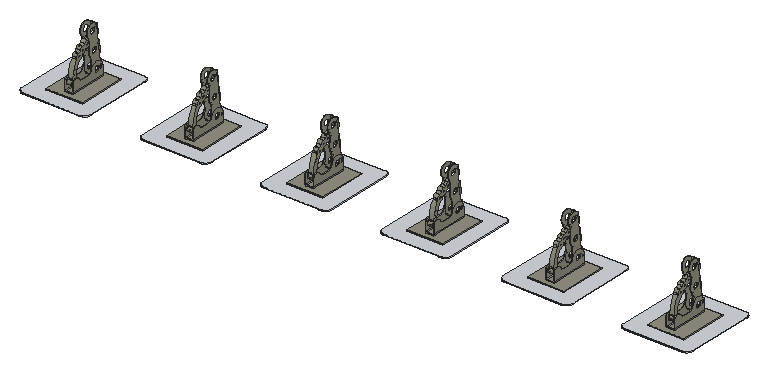
Revit family "Construction_Roof-Accessories_Alpine-SnowGuards_PP215", category Specialty Equipment, host Face, Revit 2019
Family settings
  Host = Face
  Round Connector Dimension = Use Diameter
  Part Type = Normal
  OmniClass Number = 23.35.20.31.27.14
  OmniClass Title = Snow Guards
  Cut with Voids When Loaded = No
  Shared = No
  Room Calculation Point = No
Parameters (values of type "PP215")
  Z_Two [instance] = Z_Length > Z_Horizontal Spacing  # yes
  Z_One [instance] = not(Z_Array)  # no
  Z_Length [instance] = if(Length < Z_Horizontal Spacing, Z_Horizontal Spacing, Length)  # 100"
  Z_Horizontal Spacing [instance] = if(Horizontal Spacing < 2", 2", Horizontal Spacing)  # 20"
  Z_Array [instance] = and(Z_Length > Z_Horizontal Spacing * 2)  # yes
  URL = "https://www.alpinesnowguards.com/model/pp215?utm_source=bimobject&utm_medium=productlisting&utm_campaign=2022marketing"
  Snow Guard Count [instance] = if(Length < Horizontal Spacing, 1, if(and(Z_Length > Z_Horizontal Spacing, Z_Length < Z_Horizontal Spacing * 2), 2, Z_Number of Pads Control))  # 6
  Product data url = "https://www.bimobject.com/en-us/alpine-snowguards/product/pp215_three_pipe_snow_guard"
  Product Material = Alpine SnowGuards - Aluminium - Mill Finish
  Product Guid = "134dbafd-15be-4c86-8863-816f1b731a23"
  Z_Number of Pads Control [instance] = if(Z_Length / Z_Horizontal Spacing + 1 < 3, 3, rounddown(Z_Length / Z_Horizontal Spacing + 1))  # 6
  Pad Material = Alpine SnowGuards - Aluminium - Mill Finish
  Note [instance] = "Customer Supplied Target Patch Flashing"  # constant formula
  Model = "PP215"
  Manufacturer = "Alpine SnowGuards"  # constant formula
  Length Note [instance] = "To show a single SnowGuard set Length to 0"  # constant formula
  Length [instance] = 100"
  Keynote = "07720"
  Horizontal Spacing [instance] = 20"
  Edition number = 1  # constant formula
  Description = "PP215 three-pipe, height adjustable, pipe-style snow guard bracket. 6''X8'' stainless steel base plate."  # constant formula
  Default Elevation = 48"
  Bracket Angle [instance] = Angle : 0°
  Base Material = Alpine SnowGuards - Aluminium - Mill Finish
  Assembly Code = "B3010"
Reference planes (in)
  plane 1 "Center (Front/Back)": y = 0
  plane 2: z = 0
  plane 3 "Center (Left/Right)": x = 0
  plane 4: x = 100
  plane 5: z = 0
  plane 6: x = 20
  plane 7: y = -2.21833
Dimensions and locks (in)
  "Z_Length": plane 3 "Center (Left/Right)" to plane 4
  locked: plane 5 to plane 2 at 0
  locked: nested 1 to plane 1 "Center (Front/Back)" at 2.21833
  "Z_Horizontal Spacing": plane 3 "Center (Left/Right)" to plane 6
  locked: plane 7 to plane 1 "Center (Front/Back)" at 2.21833
  locked: nested 2 to level at 0.0625
  equal spacing: group 1, group 2, group 3, group 10, group 13, group 14  (x3)
  locked: nested 5 to level at 0.0625
  equal spacing: group 4, group 5, group 6, group 11, group 15, group 16  (x3)
  equal spacing: group 7, group 8, group 9, group 12, group 17, group 18  (x3)
  locked: nested 10 to level at 0.0625
  locked: nested 11 to level at 0.0625
  aligned and locked: host face to plane 2
  aligned and locked: host face to level
  aligned and locked: plane 3 "Center (Left/Right)" to nested 1
  aligned and locked: nested 2 to plane 3 "Center (Left/Right)"
  aligned and locked: nested 2 to plane 7
  aligned and locked: nested 1 to level
  aligned and locked: plane 7 to nested 1
  aligned and locked: nested 3 to level
  aligned and locked: plane 7 to nested 3
  aligned and locked: plane 6 to nested 3
  aligned and locked: nested 5 to plane 7
  aligned and locked: nested 5 to plane 6
  aligned and locked: nested 7 to plane 7
  aligned and locked: nested 7 to plane 3 "Center (Left/Right)"
  aligned and locked: nested 8 to plane 6
  aligned and locked: nested 8 to plane 7
  aligned and locked: nested 12 to level
  aligned and locked: nested 13 to level
  aligned and locked: nested 10 to plane 7
  aligned and locked: nested 10 to plane 3 "Center (Left/Right)"
  aligned and locked: nested 11 to plane 7
  aligned and locked: nested 11 to plane 6
  aligned and locked: plane 7 to nested 13
  aligned and locked: plane 6 to nested 13
  aligned and locked: plane 7 to nested 12
  aligned and locked: plane 3 "Center (Left/Right)" to nested 12
  aligned and locked: nested 14 to plane 7
  aligned and locked: nested 14 to plane 3 "Center (Left/Right)"
  aligned and locked: nested 15 to plane 7
  aligned and locked: nested 15 to plane 6
Automatic sketch dimensions
  host sketch curve to host sketch curve = 199.17032"
  host sketch curve to host sketch curve = 96"
Nested families (in)
  nested 1: "-" at (0, -8.84333, -0.125), visible <- "Z_Array", type "Target-Patch-Flashing"
  nested 2: "Base" at (0, -6.21833, 0.0625) x (-1, 0, 0) z (0, 0, 1), Material <- "Base Material", visible <- "Z_Array", type "6"x8""
    with Material Alpine SnowGuards - Aluminium - Mill Finish
  nested 3: "-" at (20, -8.84333, -0.125), visible <- "Z_Array", type "Target-Patch-Flashing"
  nested 4: "-" at (40, -8.84333, -0.125), visible <- "Z_Array", type "Target-Patch-Flashing"
  nested 5: "Base" at (20, -6.21833, 0.0625) x (-1, 0, 0) z (0, 0, 1), Material <- "Base Material", visible <- "Z_Array", type "6"x8""
    with Material Alpine SnowGuards - Aluminium - Mill Finish
  nested 6: "Base" at (40, -6.21833, 0.0625) x (-1, 0, 0) z (0, 0, 1), Material <- "Base Material", visible <- "Z_Array", type "6"x8""
    with Material Alpine SnowGuards - Aluminium - Mill Finish
  nested 7: "Angle" at (0, -5.21833, 0.0625) x (-1, 0, 0) z (0, 0, 1), Pad Material <- "Pad Material", type <- "Bracket Angle", visible <- "Z_Array", type "0°"
    with Pad Material Alpine SnowGuards - Aluminium - Mill Finish
  nested 8: "Angle" at (20, -5.21833, 0.0625) x (-1, 0, 0) z (0, 0, 1), Pad Material <- "Pad Material", type <- "Bracket Angle", visible <- "Z_Array", type "0°"
    with Pad Material Alpine SnowGuards - Aluminium - Mill Finish
  nested 9: "Angle" at (40, -5.21833, 0.0625) x (-1, 0, 0) z (0, 0, 1), Pad Material <- "Pad Material", type <- "Bracket Angle", visible <- "Z_Array", type "0°"
    with Pad Material Alpine SnowGuards - Aluminium - Mill Finish
  nested 10: "Base" at (0, -6.21833, 0.0625) x (-1, 0, 0) z (0, 0, 1), Material <- "Base Material", visible <- "Z_One", type "6"x8""
    with Material Alpine SnowGuards - Aluminium - Mill Finish
  nested 11: "Base" at (20, -6.21833, 0.0625) x (-1, 0, 0) z (0, 0, 1), Material <- "Base Material", visible <- "Z_Two", type "6"x8""
    with Material Alpine SnowGuards - Aluminium - Mill Finish
  nested 12: "-" at (0, -8.84333, -0.125), visible <- "Z_One", type "Target-Patch-Flashing"
  nested 13: "-" at (20, -8.84333, -0.125), visible <- "Z_Two", type "Target-Patch-Flashing"
  nested 14: "Angle" at (0, -5.21833, 0.0625) x (-1, 0, 0) z (0, 0, 1), type <- "Bracket Angle", Pad Material <- "Pad Material", visible <- "Z_One", type "0°"
    with Pad Material Alpine SnowGuards - Aluminium - Mill Finish
  nested 15: "Angle" at (20, -5.21833, 0.0625) x (-1, 0, 0) z (0, 0, 1), type <- "Bracket Angle", Pad Material <- "Pad Material", visible <- "Z_Two", type "0°"
    with Pad Material Alpine SnowGuards - Aluminium - Mill Finish
  nested 16: "-" at (60, -8.84333, -0.125), visible <- "Z_Array", type "Target-Patch-Flashing"
  nested 17: "Base" at (60, -6.21833, 0.0625) x (-1, 0, 0) z (0, 0, 1), Material <- "Base Material", visible <- "Z_Array", type "6"x8""
    with Material Alpine SnowGuards - Aluminium - Mill Finish
  nested 18: "Angle" at (60, -5.21833, 0.0625) x (-1, 0, 0) z (0, 0, 1), Pad Material <- "Pad Material", type <- "Bracket Angle", visible <- "Z_Array", type "0°"
    with Pad Material Alpine SnowGuards - Aluminium - Mill Finish
  nested 19: "-" at (80, -8.84333, -0.125), visible <- "Z_Array", type "Target-Patch-Flashing"
  nested 20: "-" at (100, -8.84333, -0.125), visible <- "Z_Array", type "Target-Patch-Flashing"
  nested 21: "Base" at (80, -6.21833, 0.0625) x (-1, 0, 0) z (0, 0, 1), Material <- "Base Material", visible <- "Z_Array", type "6"x8""
    with Material Alpine SnowGuards - Aluminium - Mill Finish
  nested 22: "Base" at (100, -6.21833, 0.0625) x (-1, 0, 0) z (0, 0, 1), Material <- "Base Material", visible <- "Z_Array", type "6"x8""
    with Material Alpine SnowGuards - Aluminium - Mill Finish
  nested 23: "Angle" at (80, -5.21833, 0.0625) x (-1, 0, 0) z (0, 0, 1), Pad Material <- "Pad Material", type <- "Bracket Angle", visible <- "Z_Array", type "0°"
    with Pad Material Alpine SnowGuards - Aluminium - Mill Finish
  nested 24: "Angle" at (100, -5.21833, 0.0625) x (-1, 0, 0) z (0, 0, 1), Pad Material <- "Pad Material", type <- "Bracket Angle", visible <- "Z_Array", type "0°"
    with Pad Material Alpine SnowGuards - Aluminium - Mill Finish
Definition of nested family "-"
  Reference planes (in)
    plane 1 "Center (Front/Back)": y = 0
    plane 2: z = 0
    plane 3 "Center (Left/Right)": x = 0
    plane 4: y = 13.25
    plane 5: x = -5.75
    plane 6: x = 5.75
    plane 7: z = 0.125
    plane 8: y = 6.625
  Forms (in)
    Extrusion 1, solid
      sketch origin (0, 0, 0) x (1, 0, 0) y (0, 1, 0)
        loop
          arc (-5.75, 1.03516) -> (-5.44681, 0.30319) -> (-4.71484, 0) r 1.03516
          line (-4.71484, 0) -> (4.71484, 0)
          arc (4.71484, 0) -> (5.44681, 0.30319) -> (5.75, 1.03516) r 1.03516
          line (5.75, 1.03516) -> (5.75, 12.21524)
          arc (5.75, 12.21524) -> (5.44693, 12.94693) -> (4.71524, 13.25) r 1.03476
          line (4.71524, 13.25) -> (-4.71484, 13.25)
          arc (-4.71484, 13.25) -> (-5.44681, 12.94681) -> (-5.75, 12.21484) r 1.03516
          line (-5.75, 12.21484) -> (-5.75, 1.03516)
      from 0.125 to 0.1875
  Dimensions and locks (in)
    equal spacing: plane 5, plane 3 "Center (Left/Right)", plane 6
    plane 5 to plane 3 "Center (Left/Right)" = 5 3/4"
    plane 7 to level = 1/8"
    equal spacing: plane 1 "Center (Front/Back)", plane 8, plane 4
    plane 4 to plane 1 "Center (Front/Back)" = 13 1/4"
    aligned and locked: plane 2 to level
    aligned and locked: plane 5 to Extrusion 1 sketch curve
    aligned and locked: plane 6 to Extrusion 1 sketch curve
    aligned and locked: Extrusion 1 sketch curve to plane 4
    aligned and locked: plane 1 "Center (Front/Back)" to Extrusion 1 sketch curve
    aligned and locked: Extrusion 1 to plane 7
  Automatic sketch dimensions
    Extrusion 1 sketch curve to plane 4 = 1 9/256"
    Extrusion 1 sketch curve to plane 1 "Center (Front/Back)" = 1 9/256"
    Extrusion 1 sketch curve to Extrusion 1 sketch curve = 1 9/256"
    Extrusion 1 sketch curve to plane 4 = 1.03476"
Definition of nested family "Base"
  Parameters (values of type "6"x8"")
    W = 6"
    Material [instance] = none
    L = 8"
    Height = 0"
  Reference planes (in)
    plane 1 "Center (Front/Back)": y = 0
    plane 2: z = 0
    plane 3 "Center (Left/Right)": x = 0
    plane 4: y = -8
    plane 5: x = -3
    plane 6: x = 3
    plane 7 "1": z = 0.125
    plane 8: y = -4
  Forms (in)
    Extrusion 1, solid, material <- "Material"
      sketch origin (0, 0, 0) x (1, 0, 0) y (0, 0, 1)
        loop
          line (-3, 0.125) -> (-3, 0) -> (3, 0) -> (3, 0.125) -> (-3, 0.125)
      from 0 to 8
  Lines and regions (in)
    model lines, detail levels fine
      curve 1: circle (-2.5007, -7.50054, 0.125) r 0.29114 normal (0, 0, 1)
      curve 2: circle (2.5007, -7.50054, 0.125) r 0.29114 normal (0, 0, -1)
      curve 3: circle (0, -7.50054, 0.125) r 0.29114 normal (0, 0, -1)
      curve 4: circle (-2.5007, -5.25054, 0.125) r 0.29114 normal (0, 0, 1)
      curve 5: circle (2.5007, -5.25054, 0.125) r 0.29114 normal (0, 0, -1)
      curve 6: circle (-2.5007, -0.50054, 0.125) r 0.29114 normal (0, 0, 1)
      curve 7: circle (2.5007, -0.50054, 0.125) r 0.29114 normal (0, 0, -1)
  Dimensions and locks (in)
    "L": plane 4 to plane 1 "Center (Front/Back)"
    equal spacing: plane 5, plane 3 "Center (Left/Right)", plane 6
    "W": plane 5 to plane 6
    locked: Extrusion 1 sketch curve to level at 0.125
    equal spacing: plane 4, plane 8, plane 1 "Center (Front/Back)"
    aligned and locked: level to plane 2
    aligned and locked: plane 5 to Extrusion 1 sketch curve
    aligned and locked: plane 2 to Extrusion 1 sketch curve
    aligned and locked: Extrusion 1 sketch curve to plane 6
    aligned and locked: Extrusion 1 to plane 1 "Center (Front/Back)"
    aligned and locked: Extrusion 1 to plane 4
  Automatic sketch dimensions
    curve 3 to plane 3 "Center (Left/Right)" = 0"
    curve 7 to plane 6 = 0.4993"
    curve 5 to plane 6 = 0.4993"
    curve 2 to plane 6 = 0.4993"
    plane 5 to curve 6 = 0.4993"
    plane 5 to curve 4 = 0.4993"
    plane 5 to curve 1 = 0.4993"
    plane 1 "Center (Front/Back)" to curve 6 = 0.50054"
    plane 1 "Center (Front/Back)" to curve 7 = 0.50054"
    plane 4 to curve 4 = 2.74946"
    plane 4 to curve 5 = 2.74946"
    plane 4 to curve 3 = 0.49946"
    plane 4 to curve 2 = 0.49946"
    plane 4 to curve 1 = 0.49946"
    radius of curve 1 = 0.29114"
    radius of curve 2 = 0.29114"
    radius of curve 3 = 0.29114"
    radius of curve 4 = 0.29114"
    radius of curve 5 = 0.29114"
    radius of curve 6 = 0.29114"
    radius of curve 7 = 0.29114"
Definition of nested family "Angle"
  Parameters (values of type "0°")
    z_Angle = 0.00°
    Pad Material [instance] = none
  Types (5): name | z_Angle
    (no name) | 0.00°
    0° | 0.00°
    13° | 13.00°
    26° | 26.00°
    39° | 39.00°
  Reference planes (in)
    plane 1 "Center (Front/Back)": y = 0
    plane 2: z = 0
    plane 3 "Center (Left/Right)": x = 0
    plane 4: x = -3
    plane 5: x = 3
    plane 6: y = -6
    plane 7: z = 8.875
    plane 8: y = -3
    plane 9: y = -4.87403
    plane 10: z = 1.83537
  Forms (in)
    Extrusion 1, solid, material <- "Pad Material"
      sketch origin (0, 0, 0) x (0, 1, 0) y (0, 0, 1)
        loop
          line (-6, 1.87104) -> (-6, 0.375) -> (0, 0.375) -> (0, 1.62411)
          arc (0, 1.62411) -> (-0.52615, 2.1582) -> (-1.19174, 1.81313) r 0.63145
          arc (-1.19174, 1.81313) -> (-1.4278, 1.5522) -> (-1.76611, 1.45548) r 0.64002
          line (-1.76611, 1.45548) -> (-3.17762, 1.45548)
          arc (-3.17762, 1.45548) -> (-3.55315, 1.59813) -> (-3.73925, 1.95412) r 0.56561
          arc (-3.73925, 1.95412) -> (-4.9079, 2.95393) -> (-6, 1.87104) r 1.13494
        loop
          circle (-4.87403, 1.83537) r 0.55827
      from 0.63113 to 0.75613
    Extrusion 2, solid, material <- "Pad Material"
      sketch origin (0, 0, 0) x (0, 1, 0) y (0, 0, -1)
        loop
          arc (-6, -1.87104) -> (-4.9079, -2.95393) -> (-3.73925, -1.95412) r 1.13494
          arc (-3.73925, -1.95412) -> (-3.55315, -1.59813) -> (-3.17762, -1.45548) r 0.56561
          line (-3.17762, -1.45548) -> (-1.76611, -1.45548)
          arc (-1.76611, -1.45548) -> (-1.4278, -1.5522) -> (-1.19174, -1.81313) r 0.64002
          arc (-1.19174, -1.81313) -> (-0.52615, -2.1582) -> (0, -1.62411) r 0.63145
          line (0, -1.62411) -> (0, -0.375) -> (-6, -0.375) -> (-6, -1.87104)
        loop
          circle (-4.87403, -1.83537) r 0.55827
      from 0.61887 to 0.74387
    Sweep 3, solid, material <- "Pad Material"
      path origin (0, 0, 0) x (0, 1, 0) y (0, 0, 1)
        loop
          line (0, 0.375) -> (-6, 0.375)
      profile origin (0, -3, 0.375) x (0, 0, -1) y (1, 0, 0)
        loop
          arc (0, 0.63113) -> (0.08839, 0.59452) -> (0.125, 0.50613) r 0.125
          line (0.125, 0.50613) -> (0.125, -0.49387)
          arc (0.125, -0.49387) -> (0.08839, -0.58226) -> (0, -0.61887) r 0.125
          line (0, -0.61887) -> (0, -0.74387)
          arc (0, -0.74387) -> (0.17678, -0.67065) -> (0.25, -0.49387) r 0.25
          line (0.25, -0.49387) -> (0.25, 0.50613)
          arc (0.25, 0.50613) -> (0.17678, 0.68291) -> (0, 0.75613) r 0.25
          line (0, 0.75613) -> (0, 0.63113)
    Extrusion 4, solid, material <- "Pad Material", detail levels fine
      sketch origin (0, 0, 0) x (0, 1, 0) y (0, 0, 1)
        loop
          arc (-1.72495, 4.46487) -> (-1.63106, 4.43167) -> (-1.55827, 4.36369) r 0.24387
          arc (-1.55827, 4.36369) -> (-1.01949, 3.2694) -> (-0.8437, 2.06241) r 3.91429
          arc (-0.8437, 2.06241) -> (-0.86728, 1.9526) -> (-0.93169, 1.86059) r 0.28314
          arc (-0.93169, 1.86059) -> (-0.6495, 1.08838) -> (-0.2774, 1.82151) r 0.44823
          arc (-0.2774, 1.82151) -> (-0.32386, 1.90339) -> (-0.33943, 1.99624) r 0.27037
          arc (-0.33943, 1.99624) -> (-0.54687, 3.409) -> (-1.17449, 4.69158) r 4.63514
          arc (-1.17449, 4.69158) -> (-1.21477, 4.77712) -> (-1.22427, 4.87119) r 0.27992
          arc (-1.22427, 4.87119) -> (-1.33836, 5.21057) -> (-1.65923, 5.36942) r 0.46701
          arc (-1.65923, 5.36942) -> (-1.87468, 5.45912) -> (-1.99057, 5.66169) r 0.36192
          arc (-1.99057, 5.66169) -> (-2.18238, 5.95344) -> (-2.52395, 6.02585) r 0.45901
          arc (-2.52395, 6.02585) -> (-2.74721, 6.05996) -> (-2.90171, 6.2247) r 0.34555
          arc (-2.90171, 6.2247) -> (-3.1532, 6.46478) -> (-3.50085, 6.45985) r 0.45928
          arc (-3.50085, 6.45985) -> (-3.73786, 6.44186) -> (-3.937, 6.57163) r 0.37041
          arc (-3.937, 6.57163) -> (-4.73867, 6.35728) -> (-4.031, 5.92389) r 0.45151
          arc (-4.031, 5.92389) -> (-3.85956, 5.95624) -> (-3.72305, 5.84758) r 0.20953
          arc (-3.72305, 5.84758) -> (-3.47673, 5.62617) -> (-3.14552, 5.62845) r 0.45852
          arc (-3.14552, 5.62845) -> (-2.97568, 5.61886) -> (-2.8729, 5.4833) r 0.20279
          arc (-2.8729, 5.4833) -> (-2.6911, 5.21163) -> (-2.37307, 5.13604) r 0.44753
          arc (-2.37307, 5.13604) -> (-2.20131, 5.08546) -> (-2.12658, 4.92274) r 0.21621
          arc (-2.12658, 4.92274) -> (-2.01147, 4.61863) -> (-1.72495, 4.46487) r 0.46372
        loop
          circle (-1.67556, 4.9166) r 0.25788
        loop
          circle (-2.43433, 5.58183) r 0.25788
        loop
          circle (-3.31986, 6.04503) r 0.25788
      from -0.36887 to 0.38113
    Revolve 5, solid, material <- "Pad Material"
      sketch origin (0, -0.62615, 0) x (1, 0, 0) y (0, 0, 1)
        loop
          line (0.63113, 1.53332) -> (0.63113, 1.6596) -> (0.56863, 1.6596) -> (0.56863, 2.03332) -> (-0.55637, 2.03332) -> (-0.55637, 1.6596) -> (-0.61887, 1.6596) -> (-0.61887, 1.53332) -> (0.63113, 1.53332)
        axis (0.63113, 1.53332) -> (-0.61887, 1.53332)
      angle from 0 to 360
    Sweep 6, solid, not visible
      path origin (0, 0, 0) x (0, 1, 0) y (0, 0, 1)
        loop
          line (-4.87403, 0) -> (-4.87403, 1.83537)
      profile origin (0, -4.87403, 0.91769) x (0, -1, 0) y (1, 0, 0)
        loop
          circle (0, 0) r 0.08582
    Extrusion 7, solid, material <- "Pad Material", detail levels medium
      sketch origin (0, 0, 0) x (0, 1, 0) y (0, 0, 1)
        loop
          arc (-1.72495, 4.46487) -> (-1.63106, 4.43167) -> (-1.55827, 4.36369) r 0.24387
          arc (-1.55827, 4.36369) -> (-1.01949, 3.2694) -> (-0.8437, 2.06241) r 3.91429
          arc (-0.8437, 2.06241) -> (-0.86728, 1.9526) -> (-0.93169, 1.86059) r 0.28314
          arc (-0.93169, 1.86059) -> (-0.6495, 1.08838) -> (-0.2774, 1.82151) r 0.44823
          arc (-0.2774, 1.82151) -> (-0.32386, 1.90339) -> (-0.33943, 1.99624) r 0.27037
          arc (-0.33943, 1.99624) -> (-0.54687, 3.409) -> (-1.17449, 4.69158) r 4.63514
          arc (-1.17449, 4.69158) -> (-1.21477, 4.77712) -> (-1.22427, 4.87119) r 0.27992
          arc (-1.22427, 4.87119) -> (-1.33836, 5.21057) -> (-1.65923, 5.36942) r 0.46701
          arc (-1.65923, 5.36942) -> (-1.87468, 5.45912) -> (-1.99057, 5.66169) r 0.36192
          arc (-1.99057, 5.66169) -> (-2.18238, 5.95344) -> (-2.52395, 6.02585) r 0.45901
          arc (-2.52395, 6.02585) -> (-2.74721, 6.05996) -> (-2.90171, 6.2247) r 0.34555
          arc (-2.90171, 6.2247) -> (-3.1532, 6.46478) -> (-3.50085, 6.45985) r 0.45928
          arc (-3.50085, 6.45985) -> (-3.73786, 6.44186) -> (-3.937, 6.57163) r 0.37041
          arc (-3.937, 6.57163) -> (-4.73867, 6.35728) -> (-4.031, 5.92389) r 0.45151
          arc (-4.031, 5.92389) -> (-3.85956, 5.95624) -> (-3.72305, 5.84758) r 0.20953
          arc (-3.72305, 5.84758) -> (-3.47673, 5.62617) -> (-3.14552, 5.62845) r 0.45852
          arc (-3.14552, 5.62845) -> (-2.97568, 5.61886) -> (-2.8729, 5.4833) r 0.20279
          arc (-2.8729, 5.4833) -> (-2.6911, 5.21163) -> (-2.37307, 5.13604) r 0.44753
          arc (-2.37307, 5.13604) -> (-2.20131, 5.08546) -> (-2.12658, 4.92274) r 0.21621
          arc (-2.12658, 4.92274) -> (-2.01147, 4.61863) -> (-1.72495, 4.46487) r 0.46372
      from -0.36887 to 0.38113
    Extrusion 8, solid, material <- "Pad Material", detail levels coarse
      sketch origin (0, 0, 0) x (0, 1, 0) y (0, 0, 1)
        loop
          arc (-3.99905, 5.94872) -> (-1.71891, 4.57591) -> (-0.8437, 2.06241) r 3.91429
          arc (-0.8437, 2.06241) -> (-0.86728, 1.9526) -> (-0.93169, 1.86059) r 0.28314
          arc (-0.93169, 1.86059) -> (-0.6495, 1.08838) -> (-0.2774, 1.82151) r 0.44823
          arc (-0.2774, 1.82151) -> (-0.32386, 1.90339) -> (-0.33943, 1.99624) r 0.27037
          arc (-0.33943, 1.99624) -> (-1.33105, 4.90269) -> (-3.92194, 6.55135) r 4.63514
          arc (-3.92194, 6.55135) -> (-4.7397, 6.34974) -> (-3.99905, 5.94872) r 0.45151
      from -0.36887 to 0.38113
  Cuts and joins
    joined: Extrusion 1, Extrusion 2, Sweep 3
  Dimensions and locks (in)
    equal spacing: plane 4, plane 3 "Center (Left/Right)", plane 5
    plane 4 to plane 5 = 6"
    plane 7 to plane 2 = 8 7/8"
    locked: plane 6 to plane 1 "Center (Front/Back)" at 6
    equal spacing: plane 1 "Center (Front/Back)", plane 8, plane 6
    locked: plane 10 to plane 2 at 1.83537
    locked: Sweep 6 sketch curve to plane 10 at 1.83537
    "z_Angle": angle Sweep 6 sketch curve to plane 9
    aligned and locked: level to plane 2
    aligned and locked: plane 10 to Sweep 6 sketch curve
    aligned and locked: plane 9 to Sweep 6 sketch curve
  Automatic sketch dimensions
    Extrusion 1 sketch curve to plane 6 = 0"
    Extrusion 1 sketch curve to plane 9 = 0"
    Extrusion 1 sketch curve to plane 1 "Center (Front/Back)" = 0"
    plane 10 to Extrusion 1 sketch curve = 0"
    plane 9 to Extrusion 1 sketch curve = 1/128"
    Extrusion 1 sketch curve to plane 8 = 0.17762"
    Extrusion 1 sketch curve to plane 10 = 0.26013"
    plane 8 to Extrusion 1 sketch curve = 1.23389"
    plane 10 to Extrusion 1 sketch curve = 0.30084"
    plane 1 "Center (Front/Back)" to Extrusion 1 sketch curve = 0.62507"
    plane 10 to Extrusion 1 sketch curve = 0.3799"
    level to Extrusion 1 sketch curve = 3/8"
    plane 10 to Extrusion 1 sketch curve = 0.21126"
    plane 10 to Extrusion 1 sketch curve = 1/64"
    Extrusion 1 sketch curve to plane 10 = 0.03567"
    Extrusion 1 sketch curve to plane 10 = 0.18571"
    Extrusion 2 sketch curve to plane 6 = 0"
    Extrusion 2 sketch curve to plane 9 = 0"
    Extrusion 2 sketch curve to plane 1 "Center (Front/Back)" = 0"
    plane 10 to Extrusion 2 sketch curve = 0"
    plane 9 to Extrusion 2 sketch curve = 1/128"
    Extrusion 2 sketch curve to plane 8 = 0.17762"
    Extrusion 2 sketch curve to plane 10 = 0.26013"
    plane 8 to Extrusion 2 sketch curve = 1.23389"
    plane 10 to Extrusion 2 sketch curve = 0.30084"
    plane 1 "Center (Front/Back)" to Extrusion 2 sketch curve = 0.62507"
    Extrusion 2 sketch curve to plane 10 = 0.18571"
    Extrusion 2 sketch curve to plane 10 = 0.03567"
    plane 10 to Extrusion 2 sketch curve = 1/64"
    plane 10 to Extrusion 2 sketch curve = 0.21126"
    plane 10 to Extrusion 2 sketch curve = 0.3799"
    level to Extrusion 2 sketch curve = 3/8"
    Sweep 3 sketch curve to plane 6 = 0"
    Sweep 3 sketch curve to plane 1 "Center (Front/Back)" = 0"
    level to Sweep 3 sketch curve = 3/8"
    Sweep 3 sketch curve to Sweep 3 sketch curve = 0"  (x4)
    Sweep 3 sketch curve to profile plane = 0"  (x2)
    Sweep 3 sketch curve to Sweep 3 sketch curve = 1/8"  (x2)
    Sweep 3 sketch curve to plane 3 "Center (Left/Right)" = 0.74387"
    plane 3 "Center (Left/Right)" to Sweep 3 sketch curve = 0.50613"
    Extrusion 4 sketch curve to plane 9 = 0.10036"
    plane 9 to Extrusion 4 sketch curve = 0.1163"
    plane 9 to Extrusion 4 sketch curve = 0.58219"
    Extrusion 4 sketch curve to Extrusion 4 sketch curve = 0.38189"
    Extrusion 4 sketch curve to plane 8 = 0.6459"
    Extrusion 4 sketch curve to plane 8 = 0.32099"
    Extrusion 4 sketch curve to Extrusion 4 sketch curve = 0.00114"
    Extrusion 4 sketch curve to Extrusion 4 sketch curve = 0.0058"
    Extrusion 4 sketch curve to plane 8 = 0.07098"
    plane 8 to Extrusion 4 sketch curve = 0.41375"
    plane 8 to Extrusion 4 sketch curve = 0.5588"
    Extrusion 4 sketch curve to Extrusion 4 sketch curve = 0.00545"
    Extrusion 4 sketch curve to Extrusion 4 sketch curve = 0.00143"
    plane 8 to Extrusion 4 sketch curve = 0.65721"
    Extrusion 4 sketch curve to Extrusion 4 sketch curve = 0.58519"
    Extrusion 4 sketch curve to Extrusion 4 sketch curve = 0.65262"
    Extrusion 4 sketch curve to Extrusion 4 sketch curve = 0.01461"
    Extrusion 4 sketch curve to Extrusion 4 sketch curve = 0.0127"
    Extrusion 4 sketch curve to Extrusion 4 sketch curve = 0.0276"
    Extrusion 4 sketch curve to plane 10 = 0.23038"
    plane 1 "Center (Front/Back)" to Extrusion 4 sketch curve = 1.12682"
    Extrusion 4 sketch curve to Extrusion 4 sketch curve = 0.71785"
    plane 10 to Extrusion 4 sketch curve = 0.29956"
    plane 1 "Center (Front/Back)" to Extrusion 4 sketch curve = 0.62278"
    plane 1 "Center (Front/Back)" to Extrusion 4 sketch curve = 0.06907"
    Extrusion 4 sketch curve to plane 10 = 0.15847"
    Extrusion 4 sketch curve to plane 10 = 0.2019"
    Extrusion 4 sketch curve to Extrusion 4 sketch curve = 0.07138"
    Extrusion 4 sketch curve to Extrusion 4 sketch curve = 2.15745"
    Extrusion 4 sketch curve to Extrusion 4 sketch curve = 0.62867"
    Extrusion 4 sketch curve to Extrusion 4 sketch curve = 0.68023"
    Extrusion 4 sketch curve to Extrusion 4 sketch curve = 0.01318"
    Extrusion 4 sketch curve to Extrusion 4 sketch curve = 0.01854"
    Extrusion 4 sketch curve to Extrusion 4 sketch curve = 1/128"
    Extrusion 4 sketch curve to Extrusion 4 sketch curve = 0.51789"
    Extrusion 4 sketch curve to Extrusion 4 sketch curve = 0.1345"
    Extrusion 4 sketch curve to Extrusion 4 sketch curve = 0.00481"
    Extrusion 4 sketch curve to Extrusion 4 sketch curve = 0.00266"
    Extrusion 4 sketch curve to Extrusion 4 sketch curve = 0.80613"
    Extrusion 4 sketch curve to Extrusion 4 sketch curve = 0.313"
    Extrusion 4 sketch curve to Extrusion 4 sketch curve = 0.59739"
    Extrusion 4 sketch curve to Extrusion 4 sketch curve = 0.00778"
    Extrusion 4 sketch curve to Extrusion 4 sketch curve = 0.00984"
    Extrusion 4 sketch curve to Extrusion 4 sketch curve = 0.53957"
    Extrusion 4 sketch curve to Extrusion 4 sketch curve = 0.31087"
    Extrusion 4 sketch curve to Extrusion 4 sketch curve = 0.74581"
    Extrusion 4 sketch curve to Extrusion 4 sketch curve = 0.12105"
    Extrusion 4 sketch curve to Extrusion 4 sketch curve = 0"  (x18)
    Extrusion 4 sketch curve to plane 10 = 0.02522"
    plane 10 to Revolve 5 sketch curve = 0.30206"
    Revolve 5 sketch curve to plane 3 "Center (Left/Right)" = 0.61887"
    Revolve 5 sketch curve to Revolve 5 sketch curve = 1/16"  (x2)
    Revolve 5 sketch curve to plane 10 = 0.19794"
    plane 3 "Center (Left/Right)" to Revolve 5 sketch curve = 0.56863"
    Revolve 5 sketch curve to Revolve 5 sketch curve = 0.12629"  (x2)
    Revolve 5 sketch curve to Revolve 5 sketch curve = 0.07753"
    Revolve 5 sketch curve to Revolve 5 sketch curve = 1/8"
    Revolve 5 sketch curve to Revolve 5 sketch curve = 0"
    Sweep 6 sketch curve to plane 3 "Center (Left/Right)" = 0"
    Sweep 6 sketch curve to profile plane = 0"
    Extrusion 7 sketch curve to plane 9 = 0.10036"
    plane 9 to Extrusion 7 sketch curve = 0.1163"
    plane 9 to Extrusion 7 sketch curve = 0.58219"
    Extrusion 7 sketch curve to Extrusion 7 sketch curve = 0.38189"
    Extrusion 7 sketch curve to plane 8 = 0.6459"
    Extrusion 7 sketch curve to plane 8 = 0.32099"
    Extrusion 7 sketch curve to Extrusion 7 sketch curve = 0.00693"
    Extrusion 7 sketch curve to plane 8 = 0.07098"
    plane 8 to Extrusion 7 sketch curve = 0.41375"
    plane 8 to Extrusion 7 sketch curve = 0.5588"
    Extrusion 7 sketch curve to Extrusion 7 sketch curve = 0.00545"
    plane 8 to Extrusion 7 sketch curve = 0.65721"
    Extrusion 7 sketch curve to Extrusion 7 sketch curve = 0.58519"
    Extrusion 7 sketch curve to Extrusion 7 sketch curve = 0.65262"
    Extrusion 7 sketch curve to Extrusion 7 sketch curve = 0.0273"
    Extrusion 7 sketch curve to Extrusion 7 sketch curve = 0.0276"
    Extrusion 7 sketch curve to plane 10 = 0.23038"
    plane 1 "Center (Front/Back)" to Extrusion 7 sketch curve = 1.12682"
    Extrusion 7 sketch curve to Extrusion 7 sketch curve = 0.71785"
    plane 10 to Extrusion 7 sketch curve = 0.29956"
    plane 1 "Center (Front/Back)" to Extrusion 7 sketch curve = 0.62278"
    plane 1 "Center (Front/Back)" to Extrusion 7 sketch curve = 0.06907"
    Extrusion 7 sketch curve to plane 10 = 0.15847"
    Extrusion 7 sketch curve to plane 10 = 0.2019"
    Extrusion 7 sketch curve to Extrusion 7 sketch curve = 0.07138"
    Extrusion 7 sketch curve to Extrusion 7 sketch curve = 2.15745"
    Extrusion 7 sketch curve to Extrusion 7 sketch curve = 0.62867"
    Extrusion 7 sketch curve to Extrusion 7 sketch curve = 0.68023"
    Extrusion 7 sketch curve to Extrusion 7 sketch curve = 0.01854"
    Extrusion 7 sketch curve to Extrusion 7 sketch curve = 0.02099"
    Extrusion 7 sketch curve to Extrusion 7 sketch curve = 0.51789"
    Extrusion 7 sketch curve to Extrusion 7 sketch curve = 0.1345"
    Extrusion 7 sketch curve to Extrusion 7 sketch curve = 0.00481"
    Extrusion 7 sketch curve to Extrusion 7 sketch curve = 0.80613"
    Extrusion 7 sketch curve to Extrusion 7 sketch curve = 0.313"
    Extrusion 7 sketch curve to Extrusion 7 sketch curve = 0.59739"
    Extrusion 7 sketch curve to Extrusion 7 sketch curve = 0.01762"
    Extrusion 7 sketch curve to Extrusion 7 sketch curve = 0.53957"
    Extrusion 7 sketch curve to Extrusion 7 sketch curve = 0.31087"
    Extrusion 7 sketch curve to Extrusion 7 sketch curve = 0.74581"
    Extrusion 7 sketch curve to Extrusion 7 sketch curve = 0.12105"
    Extrusion 7 sketch curve to Extrusion 7 sketch curve = 0"  (x18)
    Extrusion 7 sketch curve to plane 10 = 0.02522"
    Extrusion 8 sketch curve to plane 9 = 0.10036"
    plane 9 to Extrusion 8 sketch curve = 0.1163"
    plane 9 to Extrusion 8 sketch curve = 0.58219"
    Extrusion 8 sketch curve to plane 10 = 0.23038"
    plane 1 "Center (Front/Back)" to Extrusion 8 sketch curve = 1.12682"
    plane 10 to Extrusion 8 sketch curve = 0.29956"
    plane 1 "Center (Front/Back)" to Extrusion 8 sketch curve = 0.62278"
    plane 1 "Center (Front/Back)" to Extrusion 8 sketch curve = 0.06907"
    Extrusion 8 sketch curve to plane 10 = 0.15847"
    Extrusion 8 sketch curve to plane 10 = 0.2019"
    Extrusion 8 sketch curve to Extrusion 8 sketch curve = 0.07138"
    Extrusion 8 sketch curve to Extrusion 8 sketch curve = 0.29279"
    Extrusion 8 sketch curve to Extrusion 8 sketch curve = 0.3699"
    Extrusion 8 sketch curve to plane 10 = 0.02522"
    Extrusion 8 sketch curve to Extrusion 8 sketch curve = 0"  (x3)
    Extrusion 8 sketch curve to plane 10 = 0.16087"
    radius of Extrusion 1 sketch curve = 0.55827"
    radius of Extrusion 2 sketch curve = 0.55827"
    radius of Extrusion 4 sketch curve = 0.25788"  (x3)
    radius of Sweep 6 sketch curve = 0.08582"
  Nested families (in)
    nested 1: "Angle" at (0, 0, 0), Pad Material <- "Pad Material", type "Angle"
      with Pad Material none
  Definition of nested family "Angle"
    Parameters (values of type "Angle")
      Pad Material [instance] = none
      Default Elevation = 48"
    Reference planes (in)
      plane 1 "Center (Front/Back)": y = 0
      plane 2: z = 0
      plane 3 "Center (Left/Right)": x = 0
      plane 4: x = -3
      plane 5: x = 3
      plane 6: y = -6
      plane 7: z = 8.875
      plane 8: y = -3
      plane 9: z = 1.83607
    Forms (in)
      Sweep 1, solid, material <- "Pad Material", detail levels fine
        path origin (0, 0, 0) x (0, 1, 0) y (0, 0, 1)
          loop
            line (-6.2263, 0.41601) -> (-5.07857, 9.14944)
        profile origin (0, -5.65243, 4.78272) x (0, -0.991475, 0.130297) y (1, 0, 0)
          loop
            line (-0.28137, -0.49387) -> (-2.18548, -0.49387) -> (-2.18548, -0.61887) -> (-0.25, -0.61887)
            arc (-0.25, -0.61887) -> (-0.07322, -0.54565) -> (0, -0.36887) r 0.25
            line (0, -0.36887) -> (0, 0.33356)
            arc (0, 0.33356) -> (-0.08716, 0.54397) -> (-0.29757, 0.63113) r 0.29757
            line (-0.29757, 0.63113) -> (-2.18548, 0.63113) -> (-2.18548, 0.50613) -> (-0.32057, 0.50613)
            arc (-0.32057, 0.50613) -> (-0.18228, 0.44885) -> (-0.125, 0.31056) r 0.19557
            line (-0.125, 0.31056) -> (-0.125, -0.3375)
            arc (-0.125, -0.3375) -> (-0.1708, -0.44807) -> (-0.28137, -0.49387) r 0.15637
      Extrusion 2, void
        sketch origin (0, 0, 0) x (0, 1, 0) y (0, 0, 1)
          loop
            arc (-4.7597, 8.56872) -> (-4.86742, 8.49357) -> (-4.9865, 8.43813) r 0.75857
            line (-4.9865, 8.43813) -> (-5.18137, 8.3672) -> (-5.34265, 7.14) -> (-5.12361, 6.88802)
            arc (-5.12361, 6.88802) -> (-5.03486, 6.39018) -> (-5.24923, 5.93216) r 0.83645
            line (-5.24923, 5.93216) -> (-5.5259, 5.74554) -> (-5.73354, 4.16557) -> (-5.5145, 3.9136)
            arc (-5.5145, 3.9136) -> (-5.42575, 3.41575) -> (-5.64012, 2.95774) r 0.83645
            line (-5.64012, 2.95774) -> (-5.91679, 2.77112) -> (-6.07808, 1.54386) -> (-5.84718, 1.38218)
            arc (-5.84718, 1.38218) -> (-4.54414, 0.84946) -> (-3.8761, 2.08858) r 1.05287
            arc (-3.8761, 2.08858) -> (-3.93684, 3.23212) -> (-3.5806, 4.32045) r 3.11776
            arc (-3.5806, 4.32045) -> (-3.45854, 4.69362) -> (-3.47962, 5.08567) r 1.06767
            arc (-3.47962, 5.08567) -> (-3.53696, 6.2322) -> (-3.1678, 7.31919) r 3.06026
            arc (-3.1678, 7.31919) -> (-3.45786, 8.58846) -> (-4.7597, 8.56872) r 1.03448
          loop
            line (-2.18756, 9.45686) -> (-6.75, 9.45686) -> (-6.75, 0.0981) -> (-2.18756, 0.0981) -> (-2.18756, 9.45686)
          loop
            circle (-4.09659, 7.77472) r 0.56225
          loop
            circle (-4.48378, 4.80624) r 0.55131
          loop
            circle (-4.87203, 1.83607) r 0.55131
        from -1.00595 to 1.12013
      Sweep 3, solid, material <- "Pad Material", detail levels medium
        path origin (0, 0, 0) x (0, 1, 0) y (0, 0, 1)
          loop
            line (-6.2263, 0.41601) -> (-5.07857, 9.14944)
        profile origin (0, -5.65243, 4.78272) x (0, -0.991475, 0.130297) y (1, 0, 0)
          loop
            line (-0.28137, -0.49387) -> (-2.18548, -0.49387) -> (-2.18548, -0.61887) -> (-0.25, -0.61887)
            arc (-0.25, -0.61887) -> (-0.07322, -0.54565) -> (0, -0.36887) r 0.25
            line (0, -0.36887) -> (0, 0.33356)
            arc (0, 0.33356) -> (-0.08716, 0.54397) -> (-0.29757, 0.63113) r 0.29757
            line (-0.29757, 0.63113) -> (-2.18548, 0.63113) -> (-2.18548, 0.50613) -> (-0.32057, 0.50613)
            arc (-0.32057, 0.50613) -> (-0.18228, 0.44885) -> (-0.125, 0.31056) r 0.19557
            line (-0.125, 0.31056) -> (-0.125, -0.3375)
            arc (-0.125, -0.3375) -> (-0.1708, -0.44807) -> (-0.28137, -0.49387) r 0.15637
      Extrusion 4, void
        sketch origin (0, 0, 0) x (0, 1, 0) y (0, 0, 1)
          loop
            arc (-4.7597, 8.56872) -> (-4.86742, 8.49357) -> (-4.9865, 8.43813) r 0.75857
            line (-4.9865, 8.43813) -> (-5.18137, 8.3672) -> (-5.34265, 7.14) -> (-5.12361, 6.88802)
            arc (-5.12361, 6.88802) -> (-5.03486, 6.39018) -> (-5.24923, 5.93216) r 0.83645
            line (-5.24923, 5.93216) -> (-5.5259, 5.74554) -> (-5.73354, 4.16557) -> (-5.5145, 3.9136)
            arc (-5.5145, 3.9136) -> (-5.42575, 3.41575) -> (-5.64012, 2.95774) r 0.83645
            line (-5.64012, 2.95774) -> (-5.91679, 2.77112) -> (-6.07808, 1.54386) -> (-5.84718, 1.38218)
            arc (-5.84718, 1.38218) -> (-4.54414, 0.84946) -> (-3.8761, 2.08858) r 1.05287
            arc (-3.8761, 2.08858) -> (-3.93684, 3.23212) -> (-3.5806, 4.32045) r 3.11776
            arc (-3.5806, 4.32045) -> (-3.45854, 4.69362) -> (-3.47962, 5.08567) r 1.06767
            arc (-3.47962, 5.08567) -> (-3.53696, 6.2322) -> (-3.1678, 7.31919) r 3.06026
            arc (-3.1678, 7.31919) -> (-3.45786, 8.58846) -> (-4.7597, 8.56872) r 1.03448
          loop
            line (-2.18756, 9.45686) -> (-6.75, 9.45686) -> (-6.75, 0.0981) -> (-2.18756, 0.0981) -> (-2.18756, 9.45686)
        from -1.00595 to 1.12013
      Sweep 5, solid, material <- "Pad Material", detail levels coarse
        path origin (0, 0, 0) x (0, 1, 0) y (0, 0, 1)
          loop
            line (-6.2263, 0.41601) -> (-5.07857, 9.14944)
        profile origin (0, -5.65243, 4.78272) x (0, -0.991475, 0.130297) y (1, 0, 0)
          loop
            line (-0.28137, -0.49387) -> (-2.18548, -0.49387) -> (-2.18548, -0.61887) -> (-0.25, -0.61887)
            arc (-0.25, -0.61887) -> (-0.07322, -0.54565) -> (0, -0.36887) r 0.25
            line (0, -0.36887) -> (0, 0.33356)
            arc (0, 0.33356) -> (-0.08716, 0.54397) -> (-0.29757, 0.63113) r 0.29757
            line (-0.29757, 0.63113) -> (-2.18548, 0.63113) -> (-2.18548, 0.50613) -> (-0.32057, 0.50613)
            arc (-0.32057, 0.50613) -> (-0.18228, 0.44885) -> (-0.125, 0.31056) r 0.19557
            line (-0.125, 0.31056) -> (-0.125, -0.3375)
            arc (-0.125, -0.3375) -> (-0.1708, -0.44807) -> (-0.28137, -0.49387) r 0.15637
    Cuts and joins
      Extrusion 2, Extrusion 4 cuts Sweep 1
      Extrusion 4 cuts Sweep 3
    Dimensions and locks (in)
      equal spacing: plane 4, plane 3 "Center (Left/Right)", plane 5
      plane 4 to plane 5 = 6"
      plane 7 to plane 2 = 8 7/8"
      locked: plane 6 to plane 1 "Center (Front/Back)" at 6
      equal spacing: plane 1 "Center (Front/Back)", plane 8, plane 6
      aligned and locked: level to plane 2
    Automatic sketch dimensions
      Sweep 1 sketch curve to plane 6 = 0.2263"
      level to Sweep 1 sketch curve = 0.41601"
      plane 7 to Sweep 1 sketch curve = 0.27444"
      plane 6 to Sweep 1 sketch curve = 0.92143"
      Sweep 1 sketch curve to profile plane = 0"
      profile plane to Sweep 1 sketch curve = 1/8"
      Sweep 1 sketch curve to Sweep 1 sketch curve = 1/8"
      Sweep 1 sketch curve to Sweep 1 sketch curve = 0.03137"  (x2)
      Sweep 1 sketch curve to Sweep 1 sketch curve = 0.17257"
      Sweep 1 sketch curve to Sweep 1 sketch curve = 0.023"  (x2)
      plane 3 "Center (Left/Right)" to Sweep 1 sketch curve = 0.63113"
      Sweep 1 sketch curve to Sweep 1 sketch curve = 1.8649"
      Sweep 1 sketch curve to Sweep 1 sketch curve = 0"
      Sweep 1 sketch curve to plane 3 "Center (Left/Right)" = 0.3375"
      Extrusion 2 sketch curve to Extrusion 2 sketch curve = 0"  (x6)
      Extrusion 2 sketch curve to plane 9 = 0"
      level to Extrusion 2 sketch curve = 0.0981"
      Extrusion 2 sketch curve to plane 6 = 3/4"
      Extrusion 2 sketch curve to plane 6 = 0.25507"
      Extrusion 2 sketch curve to plane 6 = 0.07808"
      plane 6 to Extrusion 2 sketch curve = 0.08321"
      plane 6 to Extrusion 2 sketch curve = 0.13583"
      plane 6 to Extrusion 2 sketch curve = 0.15282"
      plane 6 to Extrusion 2 sketch curve = 0.26646"
      Extrusion 2 sketch curve to Extrusion 2 sketch curve = 0.27667"  (x2)
      plane 6 to Extrusion 2 sketch curve = 0.4741"
      Extrusion 2 sketch curve to Extrusion 2 sketch curve = 0.21904"  (x2)
      plane 6 to Extrusion 2 sketch curve = 0.65735"
      plane 7 to Extrusion 2 sketch curve = 0.27596"
      plane 6 to Extrusion 2 sketch curve = 0.75405"
      Extrusion 2 sketch curve to Extrusion 2 sketch curve = 0.06458"
      Extrusion 2 sketch curve to plane 7 = 0.43687"
      Extrusion 2 sketch curve to Extrusion 2 sketch curve = 0.19487"
      plane 9 to Extrusion 2 sketch curve = 0.00453"
      Extrusion 2 sketch curve to Extrusion 2 sketch curve = 0.94783"
      Extrusion 2 sketch curve to Extrusion 2 sketch curve = 0.02732"
      Extrusion 2 sketch curve to Extrusion 2 sketch curve = 0.73219"
      Extrusion 2 sketch curve to Extrusion 2 sketch curve = 0.03325"
      Extrusion 2 sketch curve to plane 8 = 1.09659"
      plane 8 to Extrusion 2 sketch curve = 0.81244"
      plane 1 "Center (Front/Back)" to Extrusion 2 sketch curve = 0.84605"
      plane 1 "Center (Front/Back)" to Extrusion 2 sketch curve = 0.50609"
      Extrusion 2 sketch curve to plane 9 = 0.45389"
      Extrusion 2 sketch curve to Extrusion 2 sketch curve = 0.16168"
      plane 9 to Extrusion 2 sketch curve = 0.93505"
      plane 9 to Extrusion 2 sketch curve = 0.98683"
      Extrusion 2 sketch curve to Extrusion 2 sketch curve = 0.18662"  (x2)
      Extrusion 2 sketch curve to Extrusion 2 sketch curve = 0.75362"  (x2)
      Extrusion 2 sketch curve to Extrusion 2 sketch curve = 0.25197"  (x2)
      Extrusion 2 sketch curve to Extrusion 2 sketch curve = 0.89264"
      Extrusion 2 sketch curve to Extrusion 2 sketch curve = 0.02705"
      Extrusion 2 sketch curve to Extrusion 2 sketch curve = 0.91225"
      Extrusion 2 sketch curve to Extrusion 2 sketch curve = 2.98616"
      Extrusion 2 sketch curve to plane 7 = 1.10028"
      Extrusion 2 sketch curve to Extrusion 2 sketch curve = 0.07093"
      plane 7 to Extrusion 2 sketch curve = 0.58186"
      Sweep 3 sketch curve to plane 6 = 0.2263"
      level to Sweep 3 sketch curve = 0.41601"
      plane 7 to Sweep 3 sketch curve = 0.27444"
      plane 6 to Sweep 3 sketch curve = 0.92143"
      Sweep 3 sketch curve to profile plane = 0"
      profile plane to Sweep 3 sketch curve = 1/8"
      Sweep 3 sketch curve to Sweep 3 sketch curve = 1/8"
      Sweep 3 sketch curve to Sweep 3 sketch curve = 0.03137"  (x2)
      Sweep 3 sketch curve to Sweep 3 sketch curve = 0.17257"
      Sweep 3 sketch curve to Sweep 3 sketch curve = 0.023"  (x2)
      plane 3 "Center (Left/Right)" to Sweep 3 sketch curve = 0.63113"
      Sweep 3 sketch curve to Sweep 3 sketch curve = 1.8649"
      Sweep 3 sketch curve to Sweep 3 sketch curve = 0"
      Sweep 3 sketch curve to plane 3 "Center (Left/Right)" = 0.3375"
      Extrusion 4 sketch curve to plane 6 = 3/4"
      Extrusion 4 sketch curve to plane 6 = 0.25507"
      Extrusion 4 sketch curve to plane 6 = 0.07808"
      plane 6 to Extrusion 4 sketch curve = 0.08321"
      plane 6 to Extrusion 4 sketch curve = 0.13583"
      plane 6 to Extrusion 4 sketch curve = 0.15282"
      plane 6 to Extrusion 4 sketch curve = 0.26646"
      Extrusion 4 sketch curve to Extrusion 4 sketch curve = 0.27667"  (x2)
      plane 6 to Extrusion 4 sketch curve = 0.4741"
      Extrusion 4 sketch curve to Extrusion 4 sketch curve = 0.21904"  (x2)
      plane 6 to Extrusion 4 sketch curve = 0.65735"
      plane 7 to Extrusion 4 sketch curve = 0.27596"
      plane 6 to Extrusion 4 sketch curve = 0.75405"
      Extrusion 4 sketch curve to Extrusion 4 sketch curve = 0.06458"
      Extrusion 4 sketch curve to plane 7 = 0.43687"
      Extrusion 4 sketch curve to Extrusion 4 sketch curve = 0.19487"
      plane 9 to Extrusion 4 sketch curve = 0.00453"
      Extrusion 4 sketch curve to Extrusion 4 sketch curve = 0.94783"
      Extrusion 4 sketch curve to Extrusion 4 sketch curve = 0.73219"
      Extrusion 4 sketch curve to plane 8 = 1.09659"
      plane 8 to Extrusion 4 sketch curve = 0.81244"
      plane 1 "Center (Front/Back)" to Extrusion 4 sketch curve = 0.84605"
      plane 1 "Center (Front/Back)" to Extrusion 4 sketch curve = 0.50609"
      Extrusion 4 sketch curve to plane 9 = 0.29221"
      Extrusion 4 sketch curve to Extrusion 4 sketch curve = 0.16168"
      level to Extrusion 4 sketch curve = 0.0981"
      plane 9 to Extrusion 4 sketch curve = 0.93505"
      plane 9 to Extrusion 4 sketch curve = 0.98683"
      Extrusion 4 sketch curve to Extrusion 4 sketch curve = 0.18662"  (x2)
      Extrusion 4 sketch curve to Extrusion 4 sketch curve = 0.75362"  (x2)
      Extrusion 4 sketch curve to Extrusion 4 sketch curve = 0.25197"  (x2)
      Extrusion 4 sketch curve to Extrusion 4 sketch curve = 0.91969"
      Extrusion 4 sketch curve to Extrusion 4 sketch curve = 0.91225"
      Extrusion 4 sketch curve to Extrusion 4 sketch curve = 2.98616"
      Extrusion 4 sketch curve to plane 7 = 1.10028"
      Extrusion 4 sketch curve to Extrusion 4 sketch curve = 0.07093"
      plane 7 to Extrusion 4 sketch curve = 0.58186"
      Extrusion 4 sketch curve to Extrusion 4 sketch curve = 0"  (x4)
      Sweep 5 sketch curve to plane 6 = 0.2263"
      level to Sweep 5 sketch curve = 0.41601"
      plane 7 to Sweep 5 sketch curve = 0.27444"
      plane 6 to Sweep 5 sketch curve = 0.92143"
      Sweep 5 sketch curve to profile plane = 0"
      profile plane to Sweep 5 sketch curve = 1/8"
      Sweep 5 sketch curve to Sweep 5 sketch curve = 1/8"
      Sweep 5 sketch curve to Sweep 5 sketch curve = 0.03137"  (x2)
      Sweep 5 sketch curve to Sweep 5 sketch curve = 0.17257"
      Sweep 5 sketch curve to Sweep 5 sketch curve = 0.023"  (x2)
      plane 3 "Center (Left/Right)" to Sweep 5 sketch curve = 0.63113"
      Sweep 5 sketch curve to Sweep 5 sketch curve = 1.8649"
      Sweep 5 sketch curve to Sweep 5 sketch curve = 0"
      Sweep 5 sketch curve to plane 3 "Center (Left/Right)" = 0.3375"
      radius of Extrusion 2 sketch curve = 0.56225"
      radius of Extrusion 2 sketch curve = 0.55131"  (x2)
